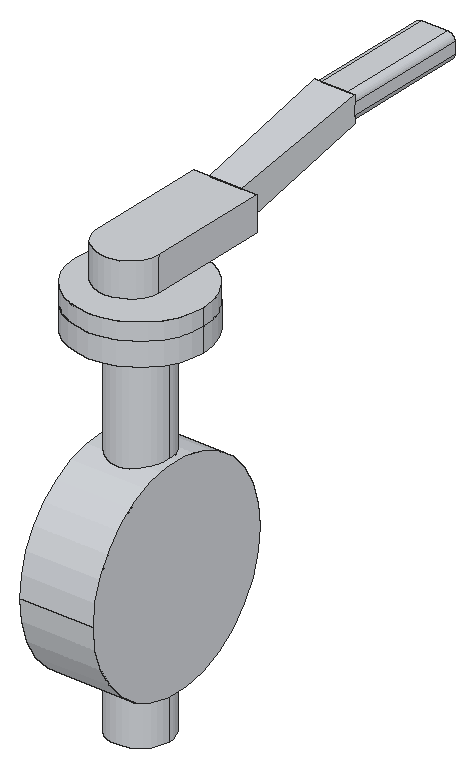
Revit family "HS497-67_disk-litina-s pákou DN100-RFA_2018", category Pipe Accessories, Revit 2018
Family settings
  Round Connector Dimension = Use Diameter
  Part Type = Valve - Breaks Into
  Work Plane-Based = No
  Always vertical = Yes
  Cut with Voids When Loaded = No
  Shared = No
Parameters (values of type "HS 497-67_DN100_PN16_s pákou")
  magiProductId = "28172f0b3f4b47b28323ac71cf8749"
  magiProductFamilyId = "53cea81e6f374d17b8841d9c72ad77"
  magiPartTypeId = 305
  isMeasuringValve [instance] = no
  ang2D [instance] = 0.00°
  X11 = 61.456 mm
  X1 = 25.456 mm
  W2D = 1000 mm
  VersionID = "2.0/2017.9.26.1/ZETKAMA_497_001"
  Use Minimum Symbol Size [instance] = yes
  URL = "http://www.hydronix.cz"
  Type Comments = "mezipřírubová; litinový disk; PN16; -10~+110°C (krátkodobě +120°C)"
  SW30 = no
  SW3 = no
  SW21 = no
  SW20 = yes
  SW2 = yes
  SW1 = no
  R = 50 mm
  QmdConnectorList = "301;D;302;D"
  Productdata [instance] = ""
  NC = 50 mm
  Model = ""
  Manufacturer = "Hydronix"  # constant formula
  MM20 = 25.456 mm
  MC Product Code = "120 100 (litinový disk, s pákou; DN100; PN16, kvs512)"
  M41 = 66 mm
  M4 = 44 mm
  LHL = 260 mm
  LHH3 = 3 mm
  LHH1 = 57 mm
  LH1 = 86.667 mm
  L4R__ve = -L4R  # -12.8 mm
  L4R = 12.8 mm
  L42__ve = -L42  # -96 mm
  L42 = 96 mm
  L41__ve = -L41  # -19.2 mm
  L41 = 19.2 mm
  L2D_Min = 3048 mm
  L2D = 216 mm
  L2 = 26 mm
  L1 = 41.6 mm
  L = 52 mm
  H = 30 mm
  G22 = 11.25 mm
  G2 = 22.5 mm
  G1 = 90 mm
  G = 90 mm
  F = 11 mm
  E44 = 31.25 mm
  E42 = 62.5 mm
  E4 = 125 mm
  E23 = 6 mm
  E22 = 24 mm
  E21 = 12 mm
  Description = "Mezipřírubová uzavírací klapka s pákou; litinový disk, DN100; PN16; kvs512"
  DR2 = 50 mm
  DR = 147 mm
  DD1 = 15.625 mm
  DD = 12.5 mm
  D = 100 mm
  CAT0 = yes
  B2__ve = -B2  # -56 mm
  B2 = 56 mm
  A2 = 16.5 mm
  A1 = 98.5 mm
Types (43, lengths in mm): name | magiProductId | X11 | X1 | Type Comments | SW30 | SW3 | SW20 | SW2 | SW1 | R | NC | MM20 | MC Product Code | M41 | M4 | LHL | LHH3 | LHH1 | LH1 | L4R__ve | L4R | L42__ve | L42 | L41__ve | L41 | L2 | L1 | L | H | G | F | E44 | E42 | E4 | E23 | E22 | E21 | Description | DR2 | DR | DD1 | DD | D | B2__ve | B2 | A2 | A1
  HS 497-67_DN100_PN16_volné vřeteno | "65d1b245f4f142c78569c0602d5754" | 61.456 | 25.456 | "mezipřírubová; litinový disk; PN16; -10~+110°C (krátkodobě +120°C)" | no | no | no | no | yes | 50 | 50 | 25.456 | "123 100 (litinový disk, s volným vřetenem; DN100; PN16, kvs512)" | 66 | 44 | 220 | 2.45 | 46.55 | 73.333 | -12.8 | 12.8 | -96 | 96 | -19.2 | 19.2 | 26 | 41.6 | 52 | 30 | 90 | 11 | 31.25 | 62.5 | 125 | 4.9 | 19.6 | 9.8 | "Mezipřírubová uzavírací klapka s volným vřetenem; litinový disk, DN100; PN16; kvs512" | 50 | 147 | 15.625 | 12.5 | 100 | -56 | 56 | 16.5 | 98.5
  HS 497-67_DN100_PN16_převodové kolo | "11e91b807e674d428c8e796fcdcfe2" | 61.456 | 25.456 | "mezipřírubová; litinový disk; PN16; -10~+110°C (krátkodobě +120°C)" | yes | yes | no | no | no | 50 | 50 | 25.456 | "125 100 (litinový disk, s převodovým kolem; DN100; PN16, kvs512)" | 65.25 | 43.5 | 220 | 2.45 | 46.55 | 73.333 | -12.8 | 12.8 | -96 | 96 | -19.2 | 19.2 | 26 | 41.6 | 52 | 30 | 90 | 11 | 31.25 | 62.5 | 125 | 4.9 | 19.6 | 9.8 | "Mezipřírubová uzavírací klapka s převodovým kolem; litinový disk, DN100; PN16; kvs512" | 50 | 147 | 15.625 | 12.5 | 100 | -56 | 56 | 16.5 | 98.5
  HS 497-67_DN100_PN16_s pákou | "28172f0b3f4b47b28323ac71cf8749" | 61.456 | 25.456 | "mezipřírubová; litinový disk; PN16; -10~+110°C (krátkodobě +120°C)" | no | no | yes | yes | no | 50 | 50 | 25.456 | "120 100 (litinový disk, s pákou; DN100; PN16, kvs512)" | 66 | 44 | 260 | 3 | 57 | 86.667 | -12.8 | 12.8 | -96 | 96 | -19.2 | 19.2 | 26 | 41.6 | 52 | 30 | 90 | 11 | 31.25 | 62.5 | 125 | 6 | 24 | 12 | "Mezipřírubová uzavírací klapka s pákou; litinový disk, DN100; PN16; kvs512" | 50 | 147 | 15.625 | 12.5 | 100 | -56 | 56 | 16.5 | 98.5
  HS 497-67_DN125_PN16_volné vřeteno | "0d813d910fc14f628bb3c2efbd185c" | 61.456 | 25.456 | "mezipřírubová; litinový disk; PN16; -10~+110°C (krátkodobě +120°C)" | no | no | no | no | yes | 62.5 | 50 | 25.456 | "123 125 (litinový disk, s volným vřetenem; DN125; PN16, kvs872)" | 66 | 44 | 220 | 2.45 | 46.55 | 73.333 | -12.8 | 12.8 | -96 | 96 | -19.2 | 19.2 | 28 | 44.8 | 56 | 33 | 90 | 14 | 31.25 | 62.5 | 125 | 4.9 | 19.6 | 9.8 | "Mezipřírubová uzavírací klapka s volným vřetenem; litinový disk, DN125; PN16; kvs872" | 62.5 | 180 | 15.625 | 12.5 | 125 | -64 | 64 | 18 | 99.5
  HS 497-67_DN125_PN16_převodové kolo | "c56b7c13f372467684996fb1e0e229" | 61.456 | 25.456 | "mezipřírubová; litinový disk; PN16; -10~+110°C (krátkodobě +120°C)" | yes | yes | no | no | no | 62.5 | 50 | 25.456 | "125 125 (litinový disk, s převodovým kolem; DN125; PN16, kvs872)" | 65.25 | 43.5 | 220 | 2.45 | 46.55 | 73.333 | -13.5 | 13.5 | -101.25 | 101.25 | -20.25 | 20.25 | 28 | 44.8 | 56 | 33 | 90 | 14 | 40 | 80 | 160 | 4.9 | 19.6 | 9.8 | "Mezipřírubová uzavírací klapka s převodovým kolem; litinový disk, DN125; PN16; kvs872" | 62.5 | 180 | 20 | 16 | 125 | -64 | 64 | 18 | 99.5
  HS 497-67_DN125_PN16_s pákou | "105993c79a91492399feef7931321a" | 61.456 | 25.456 | "mezipřírubová; litinový disk; PN16; -10~+110°C (krátkodobě +120°C)" | no | no | yes | yes | no | 62.5 | 50 | 25.456 | "120 125 (litinový disk, s pákou; DN125; PN16, kvs872)" | 66 | 44 | 315 | 3.75 | 71.25 | 105 | -12.8 | 12.8 | -96 | 96 | -19.2 | 19.2 | 28 | 44.8 | 56 | 33 | 90 | 14 | 31.25 | 62.5 | 125 | 7.5 | 30 | 15 | "Mezipřírubová uzavírací klapka s pákou; litinový disk, DN125; PN16; kvs872" | 62.5 | 180 | 15.625 | 12.5 | 125 | -64 | 64 | 18 | 99.5
  HS 497-67_DN150_PN16_volné vřeteno | "50c80cb8ab434f55ab7796e5ac1331" | 61.456 | 25.456 | "mezipřírubová; litinový disk; PN16; -10~+110°C (krátkodobě +120°C)" | no | no | no | no | yes | 75 | 50 | 25.456 | "123 150 (litinový disk, s volným vřetenem; DN150; PN16, kvs1347)" | 66 | 44 | 220 | 2.45 | 46.55 | 73.333 | -12.8 | 12.8 | -96 | 96 | -19.2 | 19.2 | 28 | 44.8 | 56 | 33 | 90 | 14 | 31.25 | 62.5 | 125 | 4.9 | 19.6 | 9.8 | "Mezipřírubová uzavírací klapka s volným vřetenem; litinový disk, DN150; PN16; kvs1347" | 75 | 206 | 15.625 | 12.5 | 150 | -58 | 58 | 19.3 | 98.7
  HS 497-67_DN150_PN16_převodové kolo | "d94a1a0cf83b476eb10011b327f709" | 61.456 | 25.456 | "mezipřírubová; litinový disk; PN16; -10~+110°C (krátkodobě +120°C)" | yes | yes | no | no | no | 75 | 50 | 25.456 | "125 150 (litinový disk, s převodovým kolem; DN150; PN16, kvs1347)" | 65.25 | 43.5 | 220 | 2.45 | 46.55 | 73.333 | -13.5 | 13.5 | -101.25 | 101.25 | -20.25 | 20.25 | 28 | 44.8 | 56 | 33 | 90 | 14 | 40 | 80 | 160 | 4.9 | 19.6 | 9.8 | "Mezipřírubová uzavírací klapka s převodovým kolem; litinový disk, DN150; PN16; kvs1347" | 75 | 206 | 20 | 16 | 150 | -58 | 58 | 19.3 | 98.7
  HS 497-67_DN150_PN16_s pákou | "4d2835523fe84828bc50ff0a5a0dfb" | 61.456 | 25.456 | "mezipřírubová; litinový disk; PN16; -10~+110°C (krátkodobě +120°C)" | no | no | yes | yes | no | 75 | 50 | 25.456 | "120 150 (litinový disk, s pákou; DN150; PN16, kvs1347)" | 66 | 44 | 315 | 3.75 | 71.25 | 105 | -12.8 | 12.8 | -96 | 96 | -19.2 | 19.2 | 28 | 44.8 | 56 | 33 | 90 | 14 | 31.25 | 62.5 | 125 | 7.5 | 30 | 15 | "Mezipřírubová uzavírací klapka s pákou; litinový disk, DN150; PN16; kvs1347" | 75 | 206 | 15.625 | 12.5 | 150 | -58 | 58 | 19.3 | 98.7
  HS 497-67_DN200_PN16_volné vřeteno | "5b29029eaeba47139ee1055a4b9201" | 61.456 | 25.456 | "mezipřírubová; litinový disk; PN16; -10~+110°C (krátkodobě +120°C)" | no | no | no | no | yes | 100 | 50 | 25.456 | "123 200 (litinový disk, s volným vřetenem; DN200; PN16, kvs2675)" | 66 | 44 | 220 | 2.45 | 46.55 | 73.333 | -12.8 | 12.8 | -96 | 96 | -19.2 | 19.2 | 30 | 48 | 60 | 33 | 90 | 17 | 31.25 | 62.5 | 125 | 4.9 | 19.6 | 9.8 | "Mezipřírubová uzavírací klapka s volným vřetenem; litinový disk, DN200; PN16; kvs2675" | 100 | 257 | 15.625 | 12.5 | 200 | -70 | 70 | 22.5 | 102.5
  HS 497-67_DN200_PN16_převodové kolo | "b2793cc1fcc44cf2a35062cd67c04f" | 61.456 | 25.456 | "mezipřírubová; litinový disk; PN16; -10~+110°C (krátkodobě +120°C)" | yes | yes | no | no | no | 100 | 57 | 25.456 | "125 200 (litinový disk, s převodovým kolem; DN200; PN16, kvs2675)" | 78.75 | 52.5 | 220 | 2.45 | 46.55 | 73.333 | -15.2 | 15.2 | -114 | 114 | -22.8 | 22.8 | 30 | 48 | 60 | 33 | 90 | 17 | 50 | 100 | 200 | 4.9 | 19.6 | 9.8 | "Mezipřírubová uzavírací klapka s převodovým kolem; litinový disk, DN200; PN16; kvs2675" | 100 | 257 | 25 | 20 | 200 | -70 | 70 | 22.5 | 102.5
  HS 497-67_DN200_PN16_s pákou | "f88d96c7af224537a51e72d7d8fffe" | 61.456 | 25.456 | "mezipřírubová; litinový disk; PN16; -10~+110°C (krátkodobě +120°C)" | no | no | yes | yes | no | 100 | 50 | 25.456 | "120 200 (litinový disk, s pákou; DN200; PN16, kvs2675)" | 66 | 44 | 315 | 3.75 | 71.25 | 105 | -12.8 | 12.8 | -96 | 96 | -19.2 | 19.2 | 30 | 48 | 60 | 33 | 90 | 17 | 31.25 | 62.5 | 125 | 7.5 | 30 | 15 | "Mezipřírubová uzavírací klapka s pákou; litinový disk, DN200; PN16; kvs2675" | 100 | 257 | 15.625 | 12.5 | 200 | -70 | 70 | 22.5 | 102.5
  HS 497-67_DN250_PN16_volné vřeteno | "b662e8305ca2402b9c510e66e6aa55" | 88.77 | 36.77 | "mezipřírubová; litinový disk; PN16; -10~+110°C (krátkodobě +120°C)" | no | no | no | no | yes | 125 | 50 | 36.77 | "123 250 (litinový disk, s volným vřetenem; DN250; PN16, kvs4555)" | 66 | 44 | 220 | 2.45 | 46.55 | 73.333 | -12.8 | 12.8 | -96 | 96 | -19.2 | 19.2 | 34 | 54.4 | 68 | 23 | 130 | 22 | 31.25 | 62.5 | 125 | 4.9 | 19.6 | 9.8 | "Mezipřírubová uzavírací klapka s volným vřetenem; litinový disk, DN250; PN16; kvs4555" | 125 | 324 | 15.625 | 12.5 | 250 | -85 | 85 | 28.25 | 129.25
  HS 497-67_DN250_PN16_převodové kolo | "5ee9016806664ddfaa2632711f295c" | 88.77 | 36.77 | "mezipřírubová; litinový disk; PN16; -10~+110°C (krátkodobě +120°C)" | yes | yes | no | no | no | 125 | 70 | 36.77 | "125 250 (litinový disk, s převodovým kolem; DN250; PN16, kvs4555)" | 91.5 | 61 | 220 | 2.45 | 46.55 | 73.333 | -22.2 | 22.2 | -166.5 | 166.5 | -33.3 | 33.3 | 34 | 54.4 | 68 | 23 | 130 | 22 | 62.5 | 125 | 250 | 4.9 | 19.6 | 9.8 | "Mezipřírubová uzavírací klapka s převodovým kolem; litinový disk, DN250; PN16; kvs4555" | 125 | 324 | 31.25 | 25 | 250 | -85 | 85 | 28.25 | 129.25
  HS 497-67_DN300_PN16_volné vřeteno | "e1886f51ff004380a649519258edf2" | 88.77 | 36.77 | "mezipřírubová; litinový disk; PN16; -10~+110°C (krátkodobě +120°C)" | no | no | no | no | yes | 150 | 50 | 36.77 | "123 300 (litinový disk, s volným vřetenem; DN300; PN16, kvs7037)" | 66 | 44 | 220 | 2.45 | 46.55 | 73.333 | -12.8 | 12.8 | -96 | 96 | -19.2 | 19.2 | 39 | 62.4 | 78 | 23 | 130 | 22 | 31.25 | 62.5 | 125 | 4.9 | 19.6 | 9.8 | "Mezipřírubová uzavírací klapka s volným vřetenem; litinový disk, DN300; PN16; kvs7037" | 150 | 376 | 15.625 | 12.5 | 300 | -90 | 90 | 30.8 | 127.2
  HS 497-67_DN300_PN16_převodové kolo | "6860f094f77d42088fbebc3c97f755" | 88.77 | 36.77 | "mezipřírubová; litinový disk; PN16; -10~+110°C (krátkodobě +120°C)" | yes | yes | no | no | no | 150 | 70 | 36.77 | "125 300 (litinový disk, s převodovým kolem; DN300; PN16, kvs7037)" | 91.5 | 61 | 220 | 2.45 | 46.55 | 73.333 | -22.2 | 22.2 | -166.5 | 166.5 | -33.3 | 33.3 | 39 | 62.4 | 78 | 23 | 130 | 22 | 62.5 | 125 | 250 | 4.9 | 19.6 | 9.8 | "Mezipřírubová uzavírací klapka s převodovým kolem; litinový disk, DN300; PN16; kvs7037" | 150 | 376 | 31.25 | 25 | 300 | -90 | 90 | 30.8 | 127.2
  HS 497-67_DN032_PN16_volné vřeteno | "8c5f65de52aa4067a77564107e31b2" | 61.456 | 25.456 | "mezipřírubová; litinový disk; PN16; -10~+110°C (krátkodobě +120°C)" | no | no | no | no | yes | 16 | 50 | 25.456 | "123 032 (litinový disk, s volným vřetenem; DN32; PN16, kvs78)" | 66 | 44 | 220 | 2.45 | 46.55 | 73.333 | -12.8 | 12.8 | -96 | 96 | -19.2 | 19.2 | 16.5 | 26.4 | 33 | 30 | 90 | 11 | 31.25 | 62.5 | 125 | 4.9 | 19.6 | 9.8 | "Mezipřírubová uzavírací klapka s volným vřetenem; litinový disk, DN32; PN16; kvs78" | 16 | 68 | 15.625 | 12.5 | 32 | -44.2 | 44.2 | 10.25 | 76.25
  HS 497-67_DN032_PN16_převodové kolo | "60aaeffa8b3a4e809ef000e4660060" | 61.456 | 25.456 | "mezipřírubová; litinový disk; PN16; -10~+110°C (krátkodobě +120°C)" | yes | yes | no | no | no | 16 | 50 | 25.456 | "125 032 (litinový disk, s převodovým kolem; DN32; PN16, kvs78)" | 65.25 | 43.5 | 220 | 2.45 | 46.55 | 73.333 | -12.8 | 12.8 | -96 | 96 | -19.2 | 19.2 | 16.5 | 26.4 | 33 | 30 | 90 | 11 | 31.25 | 62.5 | 125 | 4.9 | 19.6 | 9.8 | "Mezipřírubová uzavírací klapka s převodovým kolem; litinový disk, DN32; PN16; kvs78" | 16 | 68 | 15.625 | 12.5 | 32 | -44.2 | 44.2 | 10.25 | 76.25
  HS 497-67_DN032_PN16_s pákou | "9ad8088d610749a1b871aa2aad8007" | 61.456 | 25.456 | "mezipřírubová; litinový disk; PN16; -10~+110°C (krátkodobě +120°C)" | no | no | yes | yes | no | 16 | 50 | 25.456 | "120 032 (litinový disk, s pákou; DN32; PN16, kvs78)" | 66 | 44 | 220 | 2.45 | 46.55 | 73.333 | -12.8 | 12.8 | -96 | 96 | -19.2 | 19.2 | 16.5 | 26.4 | 33 | 30 | 90 | 11 | 31.25 | 62.5 | 125 | 4.9 | 19.6 | 9.8 | "Mezipřírubová uzavírací klapka s pákou; litinový disk, DN32; PN16; kvs78" | 16 | 68 | 15.625 | 12.5 | 32 | -44.2 | 44.2 | 10.25 | 76.25
  HS 497-67_DN350_PN10_volné vřeteno | "72a1e05f22944421b7e9596a877137" | 109.255 | 45.255 | "mezipřírubová; litinový disk; PN10; -10~+110°C (krátkodobě +120°C)" | no | no | no | no | yes | 175 | 50 | 45.255 | "123 350 (litinový disk, s volným vřetenem; DN350; PN10, kvs10165)" | 66 | 44 | 220 | 2.45 | 46.55 | 73.333 | -12.8 | 12.8 | -96 | 96 | -19.2 | 19.2 | 39 | 62.4 | 78 | 31 | 160 | 22 | 31.25 | 62.5 | 125 | 4.9 | 19.6 | 9.8 | "Mezipřírubová uzavírací klapka s volným vřetenem; litinový disk, DN350; PN10; kvs10165" | 175 | 430 | 15.625 | 12.5 | 350 | -88 | 88 | 33.85 | 129.65
  HS 497-67_DN350_PN10_převodové kolo | "a5a01426cb28494ba3afca92f1dace" | 109.255 | 45.255 | "mezipřírubová; litinový disk; PN10; -10~+110°C (krátkodobě +120°C)" | yes | yes | no | no | no | 175 | 70 | 45.255 | "125 350 (litinový disk, s převodovým kolem; DN350; PN10, kvs10165)" | 91.5 | 61 | 220 | 2.45 | 46.55 | 73.333 | -22.2 | 22.2 | -166.5 | 166.5 | -33.3 | 33.3 | 39 | 62.4 | 78 | 31 | 160 | 22 | 62.5 | 125 | 250 | 4.9 | 19.6 | 9.8 | "Mezipřírubová uzavírací klapka s převodovým kolem; litinový disk, DN350; PN10; kvs10165" | 175 | 430 | 31.25 | 25 | 350 | -88 | 88 | 33.85 | 129.65
  HS 497-67_DN400_PN10_volné vřeteno | "c70ebeb927c04ab99b176e257ad0a7" | 109.255 | 45.255 | "mezipřírubová; litinový disk; PN10; -10~+110°C (krátkodobě +120°C)" | no | no | no | no | yes | 200 | 50 | 45.255 | "123 400 (litinový disk, s volným vřetenem; DN400; PN10, kvs13799)" | 66 | 44 | 220 | 2.45 | 46.55 | 73.333 | -12.8 | 12.8 | -96 | 96 | -19.2 | 19.2 | 51 | 81.6 | 102 | 31 | 160 | 27 | 31.25 | 62.5 | 125 | 4.9 | 19.6 | 9.8 | "Mezipřírubová uzavírací klapka s volným vřetenem; litinový disk, DN400; PN10; kvs13799" | 200 | 485 | 15.625 | 12.5 | 400 | -108 | 108 | 38 | 142
  HS 497-67_DN400_PN10_převodové kolo | "cc64a4384dcb41b780d81810f4f293" | 109.255 | 45.255 | "mezipřírubová; litinový disk; PN10; -10~+110°C (krátkodobě +120°C)" | yes | yes | no | no | no | 200 | 72.5 | 45.255 | "125 400 (litinový disk, s převodovým kolem; DN400; PN10, kvs13799)" | 103.5 | 69 | 220 | 2.45 | 46.55 | 73.333 | -27.8 | 27.8 | -208.5 | 208.5 | -41.7 | 41.7 | 51 | 81.6 | 102 | 31 | 160 | 27 | 75 | 150 | 300 | 4.9 | 19.6 | 9.8 | "Mezipřírubová uzavírací klapka s převodovým kolem; litinový disk, DN400; PN10; kvs13799" | 200 | 485 | 37.5 | 30 | 400 | -108 | 108 | 38 | 142
  HS 497-67_DN040_PN16_volné vřeteno | "35f92312390745e88df5b5c325d9ee" | 61.456 | 25.456 | "mezipřírubová; litinový disk; PN16; -10~+110°C (krátkodobě +120°C)" | no | no | no | no | yes | 20 | 50 | 25.456 | "123 040 (litinový disk, s volným vřetenem; DN40; PN16, kvs78)" | 66 | 44 | 220 | 2.45 | 46.55 | 73.333 | -12.8 | 12.8 | -96 | 96 | -19.2 | 19.2 | 16.5 | 26.4 | 33 | 30 | 90 | 11 | 31.25 | 62.5 | 125 | 4.9 | 19.6 | 9.8 | "Mezipřírubová uzavírací klapka s volným vřetenem; litinový disk, DN40; PN16; kvs78" | 20 | 76 | 15.625 | 12.5 | 40 | -36 | 36 | 11 | 79
  HS 497-67_DN040_PN16_převodové kolo | "d88e968eae3445bc9b7b4e6ff35127" | 61.456 | 25.456 | "mezipřírubová; litinový disk; PN16; -10~+110°C (krátkodobě +120°C)" | yes | yes | no | no | no | 20 | 50 | 25.456 | "125 040 (litinový disk, s převodovým kolem; DN40; PN16, kvs78)" | 65.25 | 43.5 | 220 | 2.45 | 46.55 | 73.333 | -12.8 | 12.8 | -96 | 96 | -19.2 | 19.2 | 16.5 | 26.4 | 33 | 30 | 90 | 11 | 31.25 | 62.5 | 125 | 4.9 | 19.6 | 9.8 | "Mezipřírubová uzavírací klapka s převodovým kolem; litinový disk, DN40; PN16; kvs78" | 20 | 76 | 15.625 | 12.5 | 40 | -36 | 36 | 11 | 79
  HS 497-67_DN040_PN16_s pákou | "c1b522ca65b4407a98818f232eaacb" | 61.456 | 25.456 | "mezipřírubová; litinový disk; PN16; -10~+110°C (krátkodobě +120°C)" | no | no | yes | yes | no | 20 | 50 | 25.456 | "120 040 (litinový disk, s pákou; DN40; PN16, kvs78)" | 66 | 44 | 220 | 2.45 | 46.55 | 73.333 | -12.8 | 12.8 | -96 | 96 | -19.2 | 19.2 | 16.5 | 26.4 | 33 | 30 | 90 | 11 | 31.25 | 62.5 | 125 | 4.9 | 19.6 | 9.8 | "Mezipřírubová uzavírací klapka s pákou; litinový disk, DN40; PN16; kvs78" | 20 | 76 | 15.625 | 12.5 | 40 | -36 | 36 | 11 | 79
  HS 497-67_DN450_PN10_volné vřeteno | "a8358bc282f14872b3194e530e590a" | 129.74 | 53.74 | "mezipřírubová; litinový disk; PN10; -10~+110°C (krátkodobě +120°C)" | no | no | no | no | yes | 225 | 50 | 53.74 | "123 450 (litinový disk, s volným vřetenem; DN450; PN10, kvs18514)" | 66 | 44 | 220 | 2.45 | 46.55 | 73.333 | -12.8 | 12.8 | -96 | 96 | -19.2 | 19.2 | 57 | 91.2 | 114 | 38 | 190 | 36 | 31.25 | 62.5 | 125 | 4.9 | 19.6 | 9.8 | "Mezipřírubová uzavírací klapka s volným vřetenem; litinový disk, DN450; PN10; kvs18514" | 225 | 536 | 15.625 | 12.5 | 450 | -115 | 115 | 38.05 | 117.45
  HS 497-67_DN450_PN10_převodové kolo | "cdf2d80f54a9414f9cbe50647c0ebd" | 129.74 | 53.74 | "mezipřírubová; litinový disk; PN10; -10~+110°C (krátkodobě +120°C)" | yes | yes | no | no | no | 225 | 91.5 | 53.74 | "125 450 (litinový disk, s převodovým kolem; DN450; PN10, kvs18514)" | 144.75 | 96.5 | 220 | 2.45 | 46.55 | 73.333 | -32.1 | 32.1 | -240.75 | 240.75 | -48.15 | 48.15 | 57 | 91.2 | 114 | 38 | 190 | 36 | 100 | 200 | 400 | 4.9 | 19.6 | 9.8 | "Mezipřírubová uzavírací klapka s převodovým kolem; litinový disk, DN450; PN10; kvs18514" | 225 | 536 | 50 | 40 | 450 | -115 | 115 | 38.05 | 117.45
  HS 497-67_DN500_PN10_volné vřeteno | "8c396e27bb2743f98f3c762b6517cd" | 143.397 | 59.397 | "mezipřírubová; litinový disk; PN10; -10~+110°C (krátkodobě +120°C)" | no | no | no | no | yes | 250 | 50 | 59.397 | "123 500 (litinový disk, s volným vřetenem; DN500; PN10, kvs23805)" | 66 | 44 | 220 | 2.45 | 46.55 | 73.333 | -12.8 | 12.8 | -96 | 96 | -19.2 | 19.2 | 63.5 | 101.6 | 127 | 38 | 210 | 36 | 31.25 | 62.5 | 125 | 4.9 | 19.6 | 9.8 | "Mezipřírubová uzavírací klapka s volným vřetenem; litinový disk, DN500; PN10; kvs23805" | 250 | 593 | 15.625 | 12.5 | 500 | -130 | 130 | 43.25 | 139.25
  HS 497-67_DN500_PN10_převodové kolo | "7647804f32e94cef828a7034a91a46" | 143.397 | 59.397 | "mezipřírubová; litinový disk; PN10; -10~+110°C (krátkodobě +120°C)" | yes | yes | no | no | no | 250 | 91.5 | 59.397 | "125 500 (litinový disk, s převodovým kolem; DN500; PN10, kvs23805)" | 144.75 | 96.5 | 220 | 2.45 | 46.55 | 73.333 | -32.1 | 32.1 | -240.75 | 240.75 | -48.15 | 48.15 | 63.5 | 101.6 | 127 | 38 | 210 | 36 | 100 | 200 | 400 | 4.9 | 19.6 | 9.8 | "Mezipřírubová uzavírací klapka s převodovým kolem; litinový disk, DN500; PN10; kvs23805" | 250 | 593 | 50 | 40 | 500 | -130 | 130 | 43.25 | 139.25
  HS 497-67_DN050_PN16_volné vřeteno | "d71f296ecd6d4adf8f6e5d9853b4e0" | 61.456 | 25.456 | "mezipřírubová; litinový disk; PN16; -10~+110°C (krátkodobě +120°C)" | no | no | no | no | yes | 25 | 50 | 25.456 | "123 050 (litinový disk, s volným vřetenem; DN50; PN16, kvs98)" | 66 | 44 | 220 | 2.45 | 46.55 | 73.333 | -12.8 | 12.8 | -96 | 96 | -19.2 | 19.2 | 21.5 | 34.4 | 43 | 30 | 90 | 11 | 31.25 | 62.5 | 125 | 4.9 | 19.6 | 9.8 | "Mezipřírubová uzavírací klapka s volným vřetenem; litinový disk, DN50; PN16; kvs98" | 25 | 100 | 15.625 | 12.5 | 50 | -36.5 | 36.5 | 12 | 83
  HS 497-67_DN050_PN16_převodové kolo | "2fb080deeaed49c58418b94c1da5a4" | 61.456 | 25.456 | "mezipřírubová; litinový disk; PN16; -10~+110°C (krátkodobě +120°C)" | yes | yes | no | no | no | 25 | 50 | 25.456 | "125 050 (litinový disk, s převodovým kolem; DN50; PN16, kvs98)" | 65.25 | 43.5 | 220 | 2.45 | 46.55 | 73.333 | -12.8 | 12.8 | -96 | 96 | -19.2 | 19.2 | 21.5 | 34.4 | 43 | 30 | 90 | 11 | 31.25 | 62.5 | 125 | 4.9 | 19.6 | 9.8 | "Mezipřírubová uzavírací klapka s převodovým kolem; litinový disk, DN50; PN16; kvs98" | 25 | 100 | 15.625 | 12.5 | 50 | -36.5 | 36.5 | 12 | 83
  HS 497-67_DN050_PN16_s pákou | "dabc632061f94877a994b9b4e68112" | 61.456 | 25.456 | "mezipřírubová; litinový disk; PN16; -10~+110°C (krátkodobě +120°C)" | no | no | yes | yes | no | 25 | 50 | 25.456 | "120 050 (litinový disk, s pákou; DN50; PN16, kvs98)" | 66 | 44 | 220 | 2.45 | 46.55 | 73.333 | -12.8 | 12.8 | -96 | 96 | -19.2 | 19.2 | 21.5 | 34.4 | 43 | 30 | 90 | 11 | 31.25 | 62.5 | 125 | 4.9 | 19.6 | 9.8 | "Mezipřírubová uzavírací klapka s pákou; litinový disk, DN50; PN16; kvs98" | 25 | 100 | 15.625 | 12.5 | 50 | -36.5 | 36.5 | 12 | 83
  HS 497-67_DN600_PN10_volné vřeteno | "99d5892c14664fce81a7c5903f7711" | 143.397 | 59.397 | "mezipřírubová; litinový disk; PN10; -10~+110°C (krátkodobě +120°C)" | no | no | no | no | yes | 300 | 50 | 59.397 | "123 600 (litinový disk, s volným vřetenem; DN600; PN10, kvs36778)" | 66 | 44 | 220 | 2.45 | 46.55 | 73.333 | -12.8 | 12.8 | -96 | 96 | -19.2 | 19.2 | 77 | 123.2 | 154 | 80 | 210 | 60 | 31.25 | 62.5 | 125 | 4.9 | 19.6 | 9.8 | "Mezipřírubová uzavírací klapka s volným vřetenem; litinový disk, DN600; PN10; kvs36788" | 300 | 690 | 15.625 | 12.5 | 600 | -140 | 140 | 49.4 | 144.6
  HS 497-67_DN600_PN10_převodové kolo | "b1e26faab48a4c499f6bb11e7e3002" | 143.397 | 59.397 | "mezipřírubová; litinový disk; PN10; -10~+110°C (krátkodobě +120°C)" | yes | yes | no | no | no | 300 | 140 | 59.397 | "125 600 (litinový disk, s převodovým kolem; DN600; PN10, kvs36778)" | 206.25 | 137.5 | 220 | 2.45 | 46.55 | 73.333 | -40.8 | 40.8 | -306 | 306 | -61.2 | 61.2 | 77 | 123.2 | 154 | 80 | 210 | 60 | 125 | 250 | 500 | 4.9 | 19.6 | 9.8 | "Mezipřírubová uzavírací klapka s převodovým kolem; litinový disk, DN600; PN10; kvs36788" | 300 | 690 | 62.5 | 50 | 600 | -140 | 140 | 49.4 | 144.6
  HS 497-67_DN065_PN16_volné vřeteno | "5e5e208646e34ec29f889baab5d08e" | 61.456 | 25.456 | "mezipřírubová; litinový disk; PN16; -10~+110°C (krátkodobě +120°C)" | no | no | no | no | yes | 32.5 | 50 | 25.456 | "123 065 (litinový disk, s volným vřetenem; DN65; PN16, kvs167)" | 66 | 44 | 220 | 2.45 | 46.55 | 73.333 | -12.8 | 12.8 | -96 | 96 | -19.2 | 19.2 | 23 | 36.8 | 46 | 30 | 90 | 11 | 31.25 | 62.5 | 125 | 4.9 | 19.6 | 9.8 | "Mezipřírubová uzavírací klapka s volným vřetenem; litinový disk, DN65; PN16; kv167" | 32.5 | 108 | 15.625 | 12.5 | 65 | -36.5 | 36.5 | 13.5 | 89
  HS 497-67_DN065_PN16_převodové kolo | "654d74c8d15540b0bfe523d988ccb3" | 61.456 | 25.456 | "mezipřírubová; litinový disk; PN16; -10~+110°C (krátkodobě +120°C)" | yes | yes | no | no | no | 32.5 | 50 | 25.456 | "125 065 (litinový disk, s převodovým kolem; DN65; PN16, kvs167)" | 65.25 | 43.5 | 220 | 2.45 | 46.55 | 73.333 | -12.8 | 12.8 | -96 | 96 | -19.2 | 19.2 | 23 | 36.8 | 46 | 30 | 90 | 11 | 31.25 | 62.5 | 125 | 4.9 | 19.6 | 9.8 | "Mezipřírubová uzavírací klapka s převodovým kolem; litinový disk, DN65; PN16; kvs167" | 32.5 | 108 | 15.625 | 12.5 | 65 | -36.5 | 36.5 | 13.5 | 89
  HS 497-67_DN065_PN16_s pákou | "ebeb4b59db0641caaf6d6635ab37b9" | 61.456 | 25.456 | "mezipřírubová; litinový disk; PN16; -10~+110°C (krátkodobě +120°C)" | no | no | yes | yes | no | 32.5 | 50 | 25.456 | "120 065 (litinový disk, s pákou; DN65; PN16, kvs167)" | 66 | 44 | 220 | 2.45 | 46.55 | 73.333 | -12.8 | 12.8 | -96 | 96 | -19.2 | 19.2 | 23 | 36.8 | 46 | 30 | 90 | 11 | 31.25 | 62.5 | 125 | 4.9 | 19.6 | 9.8 | "Mezipřírubová uzavírací klapka s pákou; litinový disk, DN65; PN16; kvs167" | 32.5 | 108 | 15.625 | 12.5 | 65 | -36.5 | 36.5 | 13.5 | 89
  HS 497-67_DN080_PN16_volné vřeteno | "9e85c75c18654e1185a9c48ed6b00e" | 61.456 | 25.456 | "mezipřírubová; litinový disk; PN16; -10~+110°C (krátkodobě +120°C)" | no | no | no | no | yes | 40 | 50 | 25.456 | "123 080 (litinový disk, s volným vřetenem; DN80; PN16, kvs258)" | 66 | 44 | 220 | 2.45 | 46.55 | 73.333 | -12.8 | 12.8 | -96 | 96 | -19.2 | 19.2 | 23 | 36.8 | 46 | 30 | 90 | 11 | 31.25 | 62.5 | 125 | 4.9 | 19.6 | 9.8 | "Mezipřírubová uzavírací klapka s volným vřetenem; litinový disk, DN80; PN16; kvs258" | 40 | 124 | 15.625 | 12.5 | 80 | -54 | 54 | 14.1 | 86.9
  HS 497-67_DN080_PN16_převodové kolo | "5b3c8238c3d041e68c75b199e7ea46" | 61.456 | 25.456 | "mezipřírubová; litinový disk; PN16; -10~+110°C (krátkodobě +120°C)" | yes | yes | no | no | no | 40 | 50 | 25.456 | "125 080 (litinový disk, s převodovým kolem; DN80; PN16, kvs258)" | 65.25 | 43.5 | 220 | 2.45 | 46.55 | 73.333 | -12.8 | 12.8 | -96 | 96 | -19.2 | 19.2 | 23 | 36.8 | 46 | 30 | 90 | 11 | 31.25 | 62.5 | 125 | 4.9 | 19.6 | 9.8 | "Mezipřírubová uzavírací klapka s převodovým kolem; litinový disk, DN80; PN16; kvs258" | 40 | 124 | 15.625 | 12.5 | 80 | -54 | 54 | 14.1 | 86.9
  HS 497-67_DN080_PN16_s pákou | "e414795fab0f4eccb99bc3572c5477" | 61.456 | 25.456 | "mezipřírubová; litinový disk; PN16; -10~+110°C (krátkodobě +120°C)" | no | no | yes | yes | no | 40 | 50 | 25.456 | "120 080 (litinový disk, s pákou; DN80; PN16, kvs258)" | 66 | 44 | 260 | 3 | 57 | 86.667 | -12.8 | 12.8 | -96 | 96 | -19.2 | 19.2 | 23 | 36.8 | 46 | 30 | 90 | 11 | 31.25 | 62.5 | 125 | 6 | 24 | 12 | "Mezipřírubová uzavírací klapka s pákou; litinový disk, DN80; PN16; kvs258" | 40 | 124 | 15.625 | 12.5 | 80 | -54 | 54 | 14.1 | 86.9
  HS 497-67_DN250_PN16_s pákou | "" | 88.77 | 36.77 | "mezipřírubová; litinový disk; PN16; -10~+110°C (krátkodobě +120°C)" | no | no | yes | yes | no | 125 | 70 | 36.77 | "120 250 (litinový disk, s pákou; DN250; PN16, kvs4555)" | 91.5 | 61 | 220 | 2.45 | 46.55 | 73.333 | -22.2 | 22.2 | -166.5 | 166.5 | -33.3 | 33.3 | 34 | 54.4 | 68 | 23 | 130 | 22 | 62.5 | 125 | 250 | 4.9 | 19.6 | 9.8 | "Mezipřírubová uzavírací klapka s pákou; litinový disk, DN250; PN16; kvs4555" | 125 | 324 | 31.25 | 25 | 250 | -85 | 85 | 28.25 | 129.25
  HS 497-67_DN300_PN16_s pákou | "" | 88.77 | 36.77 | "mezipřírubová; litinový disk; PN16; -10~+110°C (krátkodobě +120°C)" | no | no | yes | yes | no | 150 | 70 | 36.77 | "120 300 (litinový disk, s pákou; DN300; PN16, kvs7037)" | 91.5 | 61 | 220 | 2.45 | 46.55 | 73.333 | -22.2 | 22.2 | -166.5 | 166.5 | -33.3 | 33.3 | 39 | 62.4 | 78 | 23 | 130 | 22 | 62.5 | 125 | 250 | 4.9 | 19.6 | 9.8 | "Mezipřírubová uzavírací klapka s pákou; litinový disk, DN300; PN16; kvs7037" | 150 | 376 | 31.25 | 25 | 300 | -90 | 90 | 30.8 | 127.2
Reference planes
  plane 1 "Center (Front/Back)": y = 0
  plane 2 "XYPLANE": z = 0
  plane 3 "Center (Left/Right)": x = 0
  plane 4 "473": x = -25.456
  plane 5 "472": x = -66
  plane 6 "471": y = -25.456
  plane 7 "470": y = 25.456
  plane 8 "469": x = -44
  plane 9 "468": y = -115.2
  plane 10 "467": y = -96
  plane 11 "466": z = 196.25
  plane 12 "465": z = 222
  plane 13 "464": y = 172.083
  plane 14 "463": z = 210
  plane 15 "462": z = 189
  plane 16 "461": z = 201
  plane 17 "460": y = 85.417
  plane 18 "459": x = -11.25
  plane 19 "458": x = 11.25
  plane 20 "457": y = -6.25
  plane 21 "456": x = -17.5
  plane 22 "455": x = 17.5
  plane 23 "454": z = 207
  plane 24 "453": y = 75.417
  plane 25 "452": y = -11.25
  plane 26 "451": x = -22.5
  plane 27 "450": x = 22.5
  plane 28 "449": z = 183
  plane 29 "448": z = 177
  plane 30 "447": z = -50
  plane 31 "446": z = 165
  plane 32 "445": z = 148.5
  plane 33 "444": z = 50
  plane 34 "443": x = 26
  plane 35 "442": x = -26
  plane 36 "441": z = 0
  plane 37 "440": y = 0
  plane 38 "439": x = 0
  plane 39 "438": z = 225
  plane 40 "437": z = 207
  plane 41 "436": x = 14.25
  plane 42 "435": x = -14.25
  plane 43 "434": y = 260
Forms (mm)
  Extrusion 1, solid, visible <- "SW3"
    sketch origin (-750, 0, 165) x (1, 0, 0) y (0, 1, 0)
      loop
        line (684, 25.456) -> (684, -25.456) -> (724.544, -25.456)
        arc (724.544, -25.456) -> (786, 0) -> (724.544, 25.456) r 36
        line (724.544, 25.456) -> (684, 25.456)
    from 0 to 62.5 <- "E42"
  Extrusion 2, solid, visible <- "SW30"
    sketch origin (0, -750, 0) x (0, 1, 0) y (0, 0, 1)
      loop
        circle (750, 196.25) r 7.813
    from 0 to 50 <- "NC"
  Extrusion 3, solid, visible <- "SW30"
    sketch origin (750, -115.2, 0) x (-1, 0, 0) y (0, 0, 1)
      loop
        circle (794, 196.25) r 62.5
    from 0 to -12.8 <- "L4R__ve"
  Extrusion 4, solid, visible <- "SW3"
    sketch origin (750, -96, 0) x (-1, 0, 0) y (0, 0, 1)
      loop
        circle (794, 196.25) r 7.813
    from 0 to -19.2 <- "L41__ve"
  Extrusion 5, solid, visible <- "SW30"
    sketch origin (750, 0, 0) x (-1, 0, 0) y (0, 0, 1)
      loop
        circle (794, 196.25) r 6.25
    from 0 to -96 <- "L42__ve"
  Blend 6, solid, visible <- "SW21"
    base sketch origin (750, 85.417, 0) x (-1, 0, 0) y (0, 0, 1)
      loop
        line (761.25, 201) -> (738.75, 201) -> (738.75, 189) -> (761.25, 189) -> (761.25, 201)
    top sketch origin (750, 85.417, 0) x (-1, 0, 0) y (0, 0, 1)
      loop
        line (761.25, 222) -> (738.75, 222) -> (738.75, 210) -> (761.25, 210) -> (761.25, 222)
    from 0 to 86.667
  Blend 7, solid, visible <- "SW21"
    base sketch origin (750, 75.417, 0) x (-1, 0, 0) y (0, 0, 1)
      loop
        line (761.25, 207) -> (738.75, 207) -> (738.75, 183) -> (761.25, 183) -> (761.25, 207)
    top sketch origin (750, 75.417, 0) x (-1, 0, 0) y (0, 0, 1)
      loop
        line (761.25, 201) -> (738.75, 201) -> (738.75, 189) -> (761.25, 189) -> (761.25, 201)
    from 0 to 10
  Blend 8, solid, visible <- "SW21"
    base sketch origin (-750, 0, 183) x (1, 0, 0) y (0, 1, 0)
      loop
        line (772.5, 75.417) -> (727.5, 75.417) -> (727.5, -11.25)
        arc (727.5, -11.25) -> (750, -31.25) -> (772.5, -11.25) r 22.656
        line (772.5, -11.25) -> (772.5, 75.417)
    top sketch origin (-750, 0, 183) x (1, 0, 0) y (0, 1, 0)
      loop
        line (767.5, 75.417) -> (732.5, 75.417) -> (732.5, -6.25)
        arc (732.5, -6.25) -> (750, -26.25) -> (767.5, -6.25) r 17.656
        line (767.5, -6.25) -> (767.5, 75.417)
    from 0 to 24
  Extrusion 9, solid, visible <- "SW2"
    sketch origin (-750, 0, 177) x (1, 0, 0) y (0, 1, 0)
      loop
        circle (750, 0) r 11.25
    from 0 to 6 <- "E23"
  Extrusion 10, solid, visible <- "SW2"
    sketch origin (-750, 0, 165) x (1, 0, 0) y (0, 1, 0)
      loop
        circle (750, 0) r 45
    from 0 to 12 <- "E21"
  Extrusion 11, solid, visible <- "CAT0"
    sketch origin (-750, 0, -50) x (1, 0, 0) y (0, 1, 0)
      loop
        circle (750, 0) r 20.8
    from 0 to -56 <- "B2__ve"
  Extrusion 12, solid, visible <- "CAT0"
    sketch origin (-750, 0, 148.5) x (1, 0, 0) y (0, 1, 0)
      loop
        circle (750, 0) r 45
    from 0 to 16.5 <- "A2"
  Extrusion 13, solid, visible <- "CAT0"
    sketch origin (-750, 0, 50) x (1, 0, 0) y (0, 1, 0)
      loop
        circle (750, 0) r 20.8
    from 0 to 98.5 <- "A1"
  Extrusion 14, solid, visible <- "CAT0"
    sketch origin (-26, -750, 0) x (0, 1, 0) y (0, 0, 1)
      loop
        circle (750, 0) r 73.5
    from 0 to 52 <- "L"
  Extrusion 15, solid, visible <- "SW1"
    sketch origin (-750, 0, 165) x (1, 0, 0) y (0, 1, 0)
      loop
        line (755.5, 5.5) -> (744.5, 5.5) -> (744.5, -5.5) -> (755.5, -5.5) -> (755.5, 5.5)
    from 0 to 30 <- "H"
  Blend 16, solid, visible <- "SW2"
    base sketch origin (750, 172.083, 0) x (-1, 0, 0) y (0, 0, 1)
      loop
        arc (764.25, 220) -> (762.786, 223.536) -> (759.25, 225) r 5
        line (759.25, 225) -> (740.75, 225)
        arc (740.75, 225) -> (737.214, 223.536) -> (735.75, 220) r 5
        line (735.75, 220) -> (735.75, 212)
        arc (735.75, 212) -> (737.214, 208.464) -> (740.75, 207) r 5
        line (740.75, 207) -> (759.25, 207)
        arc (759.25, 207) -> (762.786, 208.464) -> (764.25, 212) r 5
        line (764.25, 212) -> (764.25, 220)
    top sketch origin (750, 172.083, 0) x (-1, 0, 0) y (0, 0, 1)
      loop
        arc (764.25, 220) -> (762.786, 223.536) -> (759.25, 225) r 5
        line (759.25, 225) -> (740.75, 225)
        arc (740.75, 225) -> (737.214, 223.536) -> (735.75, 220) r 5
        line (735.75, 220) -> (735.75, 212)
        arc (735.75, 212) -> (737.214, 208.464) -> (740.75, 207) r 5
        line (740.75, 207) -> (759.25, 207)
        arc (759.25, 207) -> (762.786, 208.464) -> (764.25, 212) r 5
        line (764.25, 212) -> (764.25, 220)
    from 0 to 87.917
  Blend 17, solid, visible <- "SW20"
    base sketch origin (750, 172.083, 0) x (-1, 0, 0) y (0, 0, 1)
      loop
        line (764.25, 225) -> (735.75, 225) -> (735.75, 207) -> (764.25, 207) -> (764.25, 225)
    top sketch origin (750, 172.083, 0) x (-1, 0, 0) y (0, 0, 1)
      loop
        line (761.25, 207) -> (738.75, 207) -> (738.75, 183) -> (761.25, 183) -> (761.25, 207)
    from 0 to -96.667
  Extrusion 18, solid, visible <- "SW20"
    sketch origin (-750, 0, 183) x (1, 0, 0) y (0, 1, 0)
      loop
        line (772.5, 75.417) -> (727.5, 75.417) -> (727.5, -11.25)
        arc (727.5, -11.25) -> (750, -31.25) -> (772.5, -11.25) r 22.656
        line (772.5, -11.25) -> (772.5, 75.417)
    from 0 to 24 <- "E22"
  Extrusion 19, solid, not visible
    sketch origin (-26, -750, 0) x (0, 1, 0) y (0, 0, 1)
      loop
        circle (750, 0) r 10
    from 0 to 10
  Extrusion 20, solid, not visible
    sketch origin (26, -750, 0) x (0, 1, 0) y (0, 0, 1)
      loop
        circle (750, 0) r 10
    from 0 to -10
Lines and regions (mm)
  reference lines, not visible
    curve 1: circle (2, 2, 0) r 1 normal (0, 0, 1)
  reference lines
    curve 2: line (-25.456, -25.456, 165) -> (-25.456, 25.456, 165)
    curve 3: line (-17.5, -6.25, 183) -> (17.5, -6.25, 183)
    curve 4: line (-22.5, -11.25, 183) -> (22.5, -11.25, 183)
    curve 5: circle (0, 0, 165) r 1 normal (0, 0, 1)
    curve 6: line (-22.5, -11.25, 183) -> (22.5, -11.25, 183)
Dimensions and locks
  plane 1 "Center (Front/Back)" to curve 1 = 2 mm
  "X1": plane 3 "Center (Left/Right)" to plane 4 "473"
  "M41": plane 3 "Center (Left/Right)" to plane 5 "472"
  "MM20": plane 1 "Center (Front/Back)" to plane 6 "471"
  "MM20": plane 1 "Center (Front/Back)" to plane 7 "470"
  "M4": plane 3 "Center (Left/Right)" to plane 8 "469"
  "L41": plane 10 "467" to plane 9 "468"
  "L42": plane 1 "Center (Front/Back)" to plane 10 "467"
  "E44": plane 31 "446" to plane 11 "466"
  "LHH1": plane 31 "446" to plane 12 "465"
  "LH1": plane 17 "460" to plane 13 "464"
  "E21": plane 12 "465" to plane 14 "463"
  "E21": plane 16 "461" to plane 15 "462"
  "E23": plane 23 "454" to plane 16 "461"
  locked: plane 24 "453" to plane 17 "460" at 10
  "G22": plane 3 "Center (Left/Right)" to plane 18 "459"
  "G22": plane 3 "Center (Left/Right)" to plane 19 "458"
  locked: plane 25 "452" to plane 20 "457" at 5
  locked: plane 26 "451" to plane 21 "456" at 5
  locked: plane 27 "450" to plane 22 "455" at 5
  "E22": plane 28 "449" to plane 23 "454"
  "LH1": plane 25 "452" to plane 24 "453"
  "G22": plane 1 "Center (Front/Back)" to plane 25 "452"
  "G2": plane 3 "Center (Left/Right)" to plane 26 "451"
  "G2": plane 3 "Center (Left/Right)" to plane 27 "450"
  "E23": plane 29 "448" to plane 28 "449"
  "E21": plane 31 "446" to plane 29 "448"
  "R": plane 2 "XYPLANE" to plane 30 "447"
  "A2": plane 32 "445" to plane 31 "446"
  "A1": plane 33 "444" to plane 32 "445"
  "DR2": plane 2 "XYPLANE" to plane 33 "444"
  "L2": plane 3 "Center (Left/Right)" to plane 34 "443"
  "L2": plane 3 "Center (Left/Right)" to plane 35 "442"
  locked: plane 2 "XYPLANE" to plane 36 "441"
  locked: plane 1 "Center (Front/Back)" to plane 37 "440"
  locked: plane 3 "Center (Left/Right)" to plane 38 "439"
  "LHH3": plane 12 "465" to plane 39 "438"
  "LHH3": plane 14 "463" to plane 40 "437"
  "LHH3": plane 19 "458" to plane 41 "436"
  "LHH3": plane 18 "459" to plane 42 "435"
  "LHL": plane 1 "Center (Front/Back)" to plane 43 "434"
  "X11": curve 2 to Extrusion 1 sketch curve
  Extrusion 1 sketch curve to Extrusion 1 sketch curve = 0 mm  (x8)
  Blend 6 sketch curve to Blend 6 sketch curve = 0 mm  (x16)
  Blend 7 sketch curve to Blend 7 sketch curve = 0 mm  (x16)
  Blend 8 sketch curve to Blend 8 sketch curve = 0 mm  (x16)
  equal spacing: Extrusion 15 sketch curve, curve 5, Extrusion 15 sketch curve  (x2)
  "F": Extrusion 15 sketch curve to Extrusion 15 sketch curve  (x2)
  Blend 16 sketch curve to Blend 16 sketch curve = 0 mm  (x32)
  Blend 17 sketch curve to Blend 17 sketch curve = 0 mm  (x16)
  Extrusion 18 sketch curve to Extrusion 18 sketch curve = 0 mm  (x8)
  "DD1": diameter of Extrusion 2 sketch curve
  "E4": diameter of Extrusion 3 sketch curve
  "DD1": diameter of Extrusion 4 sketch curve
  "DD": diameter of Extrusion 5 sketch curve
  "G2": diameter of Extrusion 9 sketch curve
  "G1": diameter of Extrusion 10 sketch curve
  "L1": diameter of Extrusion 11 sketch curve
  "G": diameter of Extrusion 12 sketch curve
  "L1": diameter of Extrusion 13 sketch curve
  "DR": diameter of Extrusion 14 sketch curve
  radius of Blend 16 sketch curve = 5 mm  (x8)
  aligned and locked: level to plane 2 "XYPLANE"
  aligned and locked: Extrusion 1 sketch curve to plane 5 "472"
  aligned and locked: plane 7 "470" to Extrusion 1 sketch curve
  aligned and locked: plane 6 "471" to Extrusion 1 sketch curve
  aligned and locked: plane 5 "472" to Extrusion 1 sketch curve
  aligned and locked: plane 4 "473" to Extrusion 1 sketch curve  (x2)
  aligned and locked: plane 4 "473" to curve 2
  aligned and locked: plane 6 "471" to curve 2
  aligned and locked: plane 7 "470" to curve 2
  aligned and locked: Extrusion 1 sketch curve to plane 7 "470"
  aligned and locked: plane 11 "466" to Extrusion 2 sketch curve
  aligned and locked: plane 37 "440" to Extrusion 2 sketch curve
  aligned and locked: plane 8 "469" to Extrusion 3 sketch curve
  aligned and locked: plane 11 "466" to Extrusion 3 sketch curve
  aligned and locked: plane 8 "469" to Extrusion 4 sketch curve
  aligned and locked: plane 11 "466" to Extrusion 4 sketch curve
  aligned and locked: plane 8 "469" to Extrusion 5 sketch curve
  aligned and locked: plane 11 "466" to Extrusion 5 sketch curve
  aligned and locked: plane 12 "465" to Blend 6 sketch curve  (x2)
  aligned and locked: plane 18 "459" to Blend 6 sketch curve  (x4)
  aligned and locked: plane 19 "458" to Blend 6 sketch curve  (x4)
  aligned and locked: plane 14 "463" to Blend 6 sketch curve  (x2)
  aligned and locked: plane 16 "461" to Blend 6 sketch curve  (x2)
  aligned and locked: plane 15 "462" to Blend 6 sketch curve  (x2)
  aligned and locked: plane 13 "464" to Blend 6
  aligned and locked: plane 16 "461" to Blend 7 sketch curve  (x2)
  aligned and locked: plane 18 "459" to Blend 7 sketch curve  (x4)
  aligned and locked: plane 19 "458" to Blend 7 sketch curve  (x4)
  aligned and locked: plane 15 "462" to Blend 7 sketch curve  (x2)
  aligned and locked: plane 23 "454" to Blend 7 sketch curve  (x2)
  aligned and locked: plane 28 "449" to Blend 7 sketch curve  (x2)
  aligned and locked: plane 17 "460" to Blend 7
  aligned and locked: plane 24 "453" to Blend 8 sketch curve  (x4)
  aligned and locked: plane 22 "455" to Blend 8 sketch curve  (x2)
  aligned and locked: plane 21 "456" to Blend 8 sketch curve
  aligned and locked: plane 20 "457" to Blend 8 sketch curve  (x2)
  aligned and locked: curve 3 to plane 20 "457"
  aligned and locked: plane 21 "456" to curve 3
  aligned and locked: plane 22 "455" to curve 3
  aligned and locked: plane 27 "450" to Blend 8 sketch curve  (x2)
  aligned and locked: plane 26 "451" to Blend 8 sketch curve
  aligned and locked: plane 25 "452" to Blend 8 sketch curve  (x2)
  aligned and locked: curve 4 to plane 25 "452"
  aligned and locked: plane 26 "451" to curve 4
  aligned and locked: plane 27 "450" to curve 4
  aligned and locked: plane 23 "454" to Blend 8
  aligned and locked: plane 37 "440" to Extrusion 9 sketch curve
  aligned and locked: plane 38 "439" to Extrusion 9 sketch curve
  aligned and locked: plane 37 "440" to Extrusion 10 sketch curve
  aligned and locked: plane 38 "439" to Extrusion 10 sketch curve
  aligned and locked: plane 37 "440" to Extrusion 11 sketch curve
  aligned and locked: plane 38 "439" to Extrusion 11 sketch curve
  aligned and locked: plane 37 "440" to Extrusion 12 sketch curve
  aligned and locked: plane 38 "439" to Extrusion 12 sketch curve
  aligned and locked: plane 37 "440" to Extrusion 13 sketch curve
  aligned and locked: plane 38 "439" to Extrusion 13 sketch curve
  aligned and locked: plane 36 "441" to Extrusion 14 sketch curve
  aligned and locked: Extrusion 14 sketch curve to plane 37 "440"
  aligned and locked: plane 37 "440" to curve 5
  aligned and locked: plane 38 "439" to curve 5
  aligned and locked: plane 39 "438" to Blend 16 sketch curve  (x2)
  aligned and locked: plane 41 "436" to Blend 16 sketch curve  (x2)
  aligned and locked: Blend 16 sketch curve to plane 40 "437"  (x2)
  aligned and locked: Blend 16 sketch curve to plane 42 "435"  (x2)
  aligned and locked: plane 43 "434" to Blend 16
  aligned and locked: plane 23 "454" to Blend 17 sketch curve  (x2)
  aligned and locked: plane 18 "459" to Blend 17 sketch curve  (x2)
  aligned and locked: plane 19 "458" to Blend 17 sketch curve  (x2)
  aligned and locked: plane 28 "449" to Blend 17 sketch curve  (x2)
  aligned and locked: plane 39 "438" to Blend 17 sketch curve  (x2)
  aligned and locked: plane 42 "435" to Blend 17 sketch curve  (x2)
  aligned and locked: plane 41 "436" to Blend 17 sketch curve  (x2)
  aligned and locked: plane 40 "437" to Blend 17 sketch curve  (x2)
  aligned and locked: Blend 17 to plane 24 "453"
  aligned and locked: plane 24 "453" to Extrusion 18 sketch curve  (x2)
  aligned and locked: plane 27 "450" to Extrusion 18 sketch curve  (x2)
  aligned and locked: plane 26 "451" to Extrusion 18 sketch curve
  aligned and locked: plane 25 "452" to Extrusion 18 sketch curve  (x2)
  aligned and locked: curve 6 to plane 25 "452"
  aligned and locked: plane 26 "451" to curve 6
  aligned and locked: plane 27 "450" to curve 6
  aligned and locked: plane 36 "441" to Extrusion 19 sketch curve
  aligned and locked: Extrusion 19 sketch curve to plane 37 "440"
  aligned and locked: plane 36 "441" to Extrusion 20 sketch curve
  aligned and locked: Extrusion 20 sketch curve to plane 37 "440"
Automatic sketch dimensions
  Blend 8 sketch curve to plane 20 "457" = 2.344 mm  (x2)
  Extrusion 18 sketch curve to plane 20 "457" = 2.344 mm
  plane 25 "452" to Extrusion 19 sketch curve = 1.25 mm
  plane 25 "452" to Extrusion 20 sketch curve = 1.25 mm
  plane 3 "Center (Left/Right)" to curve 1 = 2 mm
  Extrusion 15 sketch curve to plane 3 "Center (Left/Right)" = 5.5 mm
  plane 20 "457" to Extrusion 15 sketch curve = 0.75 mm
  radius of curve 5 = 1 mm
  radius of curve 1 = 1 mm
Connectors
  piping at (-26, 0, 0), diameter 100, driven by "D"
    settings: on Extrusion 19, index 1, connector inside diameter 609.6 mm, connector length 0 mm, flow factor 0, pipe flow 0.0 L/s, pressure drop 0.0 Pa, fitting loss kfactor 0, connector angle 0.00°, fixture units 0, engagement length 0 mm, angle of deflection 0.00°, flow configuration 0, flow direction 0, fitting loss method 0, system type 29, joint type 0, gender type 0, connector reference index 2, connector utility 0, adjustable connector no, is connector primary yes, connector description ""
  piping at (26, 0, 0), diameter 100, driven by "D"
    settings: on Extrusion 20, index 2, connector inside diameter 609.6 mm, connector length 0 mm, flow factor 0, pipe flow 0.0 L/s, pressure drop 0.0 Pa, fitting loss kfactor 0, connector angle 0.00°, fixture units 0, engagement length 0 mm, angle of deflection 0.00°, flow configuration 0, flow direction 0, fitting loss method 0, system type 29, joint type 0, gender type 0, connector reference index 1, connector utility 0, adjustable connector no, is connector primary no, connector description ""
